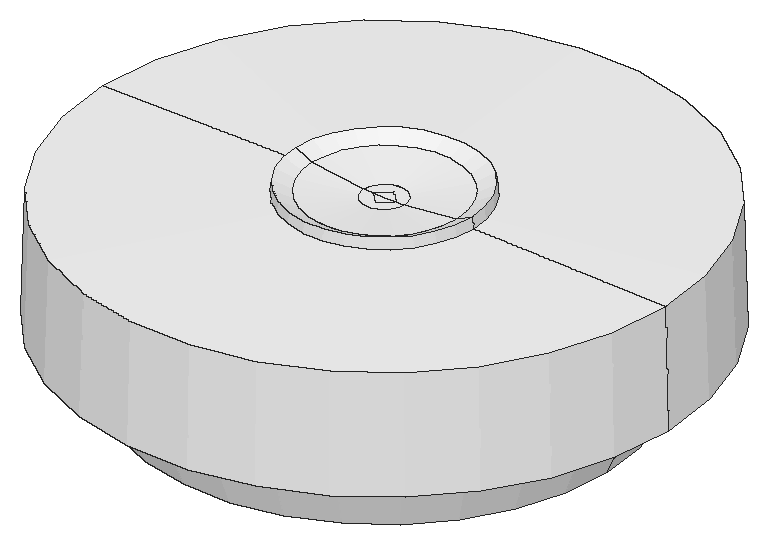
Revit family "Gira_233602", category Electrical Fixtures, host Face, Revit 2017
Family settings
  Host = Face
  Maintain Annotation Orientation = No
  Round Connector Dimension = Use Diameter
  Part Type = Normal
  Cut with Voids When Loaded = No
  Shared = No
  Room Calculation Point = No
Parameters (values of type "SAD Basic Q Smoke alarm device p.white")
  With voltage indication = "No"
  With socket = "Yes"
  With orientation lighting = "No"
  With backup battery = "No"
  With Q-label = ""
  Voltage type of supply voltage = "Ac"
  VdS accepted = "No"
  URL = "http://katalog.gira.de/en/datenblatt.html?artikelnr=114502"
  Type of test-/pause button = "Test button"
  Supply voltage = "9 - 9"
  Suitable for duct mounting = "No"
  Standard networkable via radio = "No"
  Standalone = "Yes"
  Smoke switcher = "No"
  Permitted by NCP = ""
  Operating principle = "Optic"
  Networkable via radio optional = "No"
  Networkable via cable = "No"
  Name = "SAD Basic Q Smoke alarm device p.white"
  Mounting method = "Surface mounting"
  Max. number networkable = ""
  Manufacturer URL = "https://www.gira.de/"
  Manufacturer = "Gira"
  Loudness = "85"
  Keynote = ""
  HeinzeBIM = "https://bimportal.heinze.de/bim/sad-basic-q-smoke-alarm-device-p-white/8cf41ba53391df8e36dfc9b9fa6a0fecfa96294c"
  Height = "0.0385"
  HAN = "114502"
  GTIN = "4010337013525"
  Explosion-tested version = "No"
  Diameter = "0.125"
  Description = "SAD Basic Q SAD PW,Smoke alarm device Basic Q,,pure white glossy,Increased quality criteria and technical advancements in smoke alarm devices are indicated on the market with the new Q test mark. The new Q-Label is an autonomous, manufacturer-independent quality mark for high-quality smoke alarm devices which undergo special testing for long-term use. The latest generation of Gira smoke alarm devices fulfil the criteria of the new Q-Label quality mark. The smoke alarm devices operate based on the photoelectric scattered light principle without radioactive particles. The smoke alarm devices detect smoke accumulation early and emit a warning signal before the concentration of smoke can become hazardous to people. Alerting occurs via a loud pulsing alarm tone and a flashing LED.,,Features:,- Use in private residential units or similarly inhabited areas only in accordance with DIN 14676.,Q-Label:,- Tested durability and reduction of deceptive alarms.,- Increased stability, e.g. against external factors.,- Permanently installed battery with a service life of up to 10 years.,- Design A as per DIN EN 14604.,- KRIWAN approval.,- Integrated function button for function test.,- Fault indication.,- Weak battery indication."
  Degree of protection (IP) = "IP42"
  Default Elevation = 1219.2 mm
  Data sheet (1) = "https://katalog.gira.de/en/download.html?artikelnr=114502"
  Current supply primary = "Battery/accumulator"
  Colour = "White"
  Category = "Fire detector"
  Cable entry = "Bottom side"
  Backup battery included = "None"
  BIM (1) = "https://media.stage.bim.site/public/gira/36a6b08/Rauchwarnmelder.rfa"
  Available = "No"
Reference planes
  plane 1 "Center (Front/Back)": y = 0
  plane 2: z = 0
  plane 3 "Center (Left/Right)": x = 0
Forms (mm)
  Revolve 1, solid, material "White", detail levels fine
    sketch origin (0, 0, 0) x (1, 0, 0) y (0, 0, 1)
      loop
        line (-59.729, 35.831) -> (-60.451, 12.502) -> (-52.923, 12.502) -> (-47.377, 0) -> (0, 0) -> (0, 35.656) -> (-2.39, 35.656) -> (-4.368, 35.729) -> (-15.386, 36.955) -> (-18.732, 38.567) -> (-18.998, 36.391) -> (-59.729, 35.831)
      axis (0, 38.567) -> (0, 0)
    angle from 0 to 360
  Extrusion 2, solid, material "White", detail levels medium
    sketch origin (0, 0, 0) x (1, 0, 0) y (0, 1, 0)
      loop
        circle (0, 0) r 60.451
    from 0 to 36.391
  Extrusion 3, solid, material "White", detail levels medium
    sketch origin (0, 0, 0) x (1, 0, 0) y (0, 1, 0)
      loop
        circle (0, 0) r 18.998
    from 36.391 to 38.567
  Extrusion 4, solid, material "White", detail levels coarse
    sketch origin (0, 0, 0) x (1, 0, 0) y (0, 1, 0)
      loop
        circle (0, 0) r 60.451
    from 0 to 38.567
Dimensions and locks
  aligned and locked: plane 2 to host face
  aligned and locked: level to host face
Nested families
  nested 1: "DE_Smoke Detector_2" at (0, 0, 0), type "DE_Smoke Detector_2"
Connectors
  electrical at (0, 0, 0)
    settings: on Revolve 1, index 1, voltage 1200 V, apparent load 0 VA, apparent load phase1 0 VA, apparent load phase2 0 VA, apparent load phase3 0 VA, power factor 1, load classification "Other", number of poles 1, system type 30, power factor state 1, is connector primary yes, connector utility no, sub classification motor no, connector description ""
Definition of nested family "DE_Smoke Detector_2"
  Reference planes
    plane 1: y = 0
    plane 2: x = 0
  Lines and regions (mm)
    detail lines
      curve 1: line (-4.553, 4.519, 0) -> (4.553, 4.519, 0)
      curve 2: line (-4.553, 0, 0) -> (-4.553, 4.519, 0)
      curve 3: line (4.553, 0, 0) -> (-4.553, 0, 0)
      curve 4: line (4.553, 4.519, 0) -> (4.553, 0, 0)
      curve 5: line (-3.957, 1.691, 0) -> (-2.262, 3.387, 0)
      curve 6: line (-2.262, 3.387, 0) -> (-0.55, 1.675, 0)
      curve 7: line (-3.363, 1.685, 0) -> (-2.243, 2.806, 0)
      curve 8: line (-2.243, 2.806, 0) -> (-1.128, 1.691, 0)
      curve 9: line (0.909, 2.238, 0) -> (3.668, 2.238, 0)
      curve 10: line (1.72, 0.98, 0) -> (1.72, 2.238, 0)
      curve 11: line (2.848, 2.238, 0) -> (2.848, 0.977, 0)
      curve 12: arc (0.909, 2.238, 0) -> (2.289, 3.617, 0) -> (3.668, 2.238, 0) r 1.38
